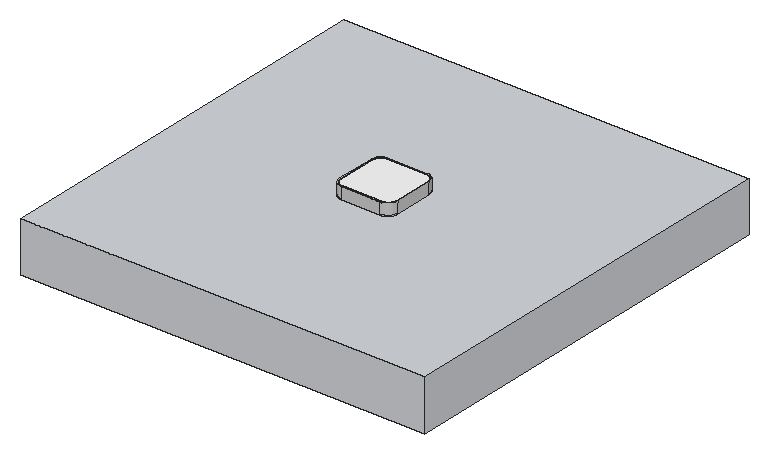
Revit family "en-halla-rundo-square-surfacerfa", category Осветительные приборы, Revit 2017
Family settings
  Основа = Грань
  Размер круглого соединителя = Использовать диаметр
  Тип детали = Нормальный
  Номер OmniClass = 23.80.70.11.11
  Заголовок OmniClass = General Luminaries, Non Directional
  При загрузке вырезать с полостями = Нет
  Источник света = Нет
  Общий = Нет
  Точка расчета площади = Нет
Parameters
  Shape thickness = 7 mm  # constant formula
  Полная установленная мощность = Power input  # 12 VA
  Youtube clip = ""
  Weight Net (Kg) = "0"
  Изготовитель = "HALLA"  # constant formula
  Default Elevation = 2000 mm
  Voltage = "220-240V"
  Uniclass 2.0 Description = "Luminaires And Lamps"
  Uniclass 2.0 Code = "PR-49"
  Uniclass 1.4 Description = "Luminaires and lamps"
  Uniclass 1.4 Code = "JY73"
  URL = "www.halla.cz"
  UNSPSC Code = "3911"
  Technical description = ""
  Switched on [instance] = yes
  Switched off [instance] = not(Switched on)  # no
  Suspension height [instance] = if(With accessories, 30 mm, 0 mm)  # 30 mm
  Source used = ""
  Source type = ""
  Shape of luminaire = "Zaoblené svítidlo"
  Region South America = "All"
  Region Oceania = "All"
  Region North America = "All"
  Region Middle East = "All"
  Region Europe = "All"
  Region Asia = "All"
  Region Antarctica = "All"
  Region Africa = "All"
  QR code = "http://file-system.ru/catalog/zdaniya_i_sooruzheniya/interer/osveshchenie/halla_rundo_square_svetilnik/"
  Accessory [instance] = RUNDO accessory - mounting distance kit for square luminaire, circular 370 mm : 19-0009, S - silver
  Protection class = "I"
  Product group = "Rundo"
  Product family = "Indoor Luminaires"
  Product data url = ""
  Product code = ""
  Product certification = ""
  Product URL = "http://www.halla.cz/prod.php?id=45757"
  Product SKU = "rundo_square"
  Price (EUR) = 0
  Power input = 12 W
  Description = ""
  Radius of corners = 60 mm  # constant formula
  Optics type = ""
  Suspension distance from axis = Lighting length - 160 mm  # 190 mm
  Number of sources = 1
  Nominal width = "0.00"
  Nominal height = "70.00"
  NBS Reference Description = "Luminaires And Lamps"
  NBS Reference Code = "49"
  Material secondary = ""
  Material of luminaire = "Hliník"
  Material main = "Aluminium"
  Manufacturer name = "HALLA"
  Manufacturer country = "Czech Republic"
  Lighting width = 350 mm
  Lighting source distance [instance] = Suspension height + Lighting height  # 100 mm
  Lighting length = 350 mm
  Lighting height = 70 mm
  Lighting dimensions = "350 x 350 x 70"
  LED source = yes
  Installation instructions = ""
  Installation instruction = ""
  Initial intensity = ""
  Initial colour = ""
  IP Code = "IP 40"
  IFC Classification = "Light Fixture"
  Frequency = ""
  Energy class = ""
  Electric potential = 230 V  # constant formula
  Код по классификатору = "D5020200"
  Edition number = "1"
  EAN code = ""
  EAN = "8595034347068"
  With accessories [instance] = yes
  Distribution = ""
  Designer = ""
  Design country = "Czech Republic"
  Depth = "0.00"
  Date of publishing = "2014-12-14"
  Data sheet = "http://www.halla.cz/get-prod-sheet.php?id=45757"
  Control gear option = ""
  Colour of luminaire = Aluminium - silver
  COBIe Type Category = ""
Reference planes
  plane 1 "Střed (vpředu/vzadu)": y = 0
  plane 2: z = 0
  plane 3 "Střed (vlevo/vpravo)": x = 0
  plane 4 "BP_Světlo spodní": z = 30
  plane 5 "BP_Světlo horní": z = 100
  plane 6 "BP_Zdroj světla": z = 65
  plane 7: x = -175
  plane 8: x = 175
  plane 9: y = 175
  plane 10: y = -175
  plane 11: x = -115
  plane 12: x = 115
  plane 13: y = -115
  plane 14: y = 115
Forms (mm)
  Extrusion 1, solid
    sketch origin (0, 0, 0) x (1, 0, 0) y (0, 1, 0)
      loop
        line (-1219.2, 1219.2) -> (-1219.2, -1219.2) -> (1219.2, -1219.2) -> (1219.2, 1219.2) -> (-1219.2, 1219.2)
    from 0 to -304.8
  Extrusion 2, solid, material "Aluminium - silver" <- "Colour of luminaire"
    sketch origin (0, 0, 30) x (-1, 0, 0) y (0, -1, 0)
      loop
        line (175, -115) -> (175, 115)
        arc (175, 115) -> (157.426, 157.426) -> (115, 175) r 60
        line (115, 175) -> (-115, 175)
        arc (-115, 175) -> (-157.426, 157.426) -> (-175, 115) r 60
        line (-175, 115) -> (-175, -115)
        arc (-175, -115) -> (-157.426, -157.426) -> (-115, -175) r 60
        line (-115, -175) -> (115, -175)
        arc (115, -175) -> (157.426, -157.426) -> (175, -115) r 60
    from 0 to 7
  Extrusion 3, solid, material "Aluminium - silver" <- "Colour of luminaire"
    sketch origin (0, 0, 30) x (-1, 0, 0) y (0, -1, 0)
      loop
        arc (115, -175) -> (157.426, -157.426) -> (175, -115) r 60
        line (175, -115) -> (175, 115)
        arc (175, 115) -> (157.426, 157.426) -> (115, 175) r 60
        line (115, 175) -> (-115, 175)
        arc (-115, 175) -> (-157.426, 157.426) -> (-175, 115) r 60
        line (-175, 115) -> (-175, -115)
        arc (-175, -115) -> (-157.426, -157.426) -> (-115, -175) r 60
        line (-115, -175) -> (115, -175)
      loop
        line (168, -115) -> (168, 115)
        arc (168, 115) -> (152.477, 152.477) -> (115, 168) r 53
        line (115, 168) -> (-115, 168)
        arc (-115, 168) -> (-152.477, 152.477) -> (-168, 115) r 53
        line (-168, 115) -> (-168, -115)
        arc (-168, -115) -> (-152.477, -152.477) -> (-115, -168) r 53
        line (-115, -168) -> (115, -168)
        arc (115, -168) -> (152.477, -152.477) -> (168, -115) r 53
    from 7 to 70 <- "Lighting height"
  Extrusion 4, solid, material "Diffuser - light switched on", visible <- "Switched off"
    sketch origin (0, 0, 30) x (-1, 0, 0) y (0, -1, 0)
      loop
        arc (168, 115) -> (152.477, 152.477) -> (115, 168) r 53
        line (115, 168) -> (-115, 168)
        arc (-115, 168) -> (-152.477, 152.477) -> (-168, 115) r 53
        line (-168, 115) -> (-168, -115)
        arc (-168, -115) -> (-152.477, -152.477) -> (-115, -168) r 53
        line (-115, -168) -> (115, -168)
        arc (115, -168) -> (152.477, -152.477) -> (168, -115) r 53
        line (168, -115) -> (168, 115)
    from 66 to 70
  Extrusion 5, solid, material "Diffuser - light switched off", visible <- "Switched on"
    sketch origin (0, 0, 30) x (-1, 0, 0) y (0, -1, 0)
      loop
        arc (168, 115) -> (152.477, 152.477) -> (115, 168) r 53
        line (115, 168) -> (-115, 168)
        arc (-115, 168) -> (-152.477, 152.477) -> (-168, 115) r 53
        line (-168, 115) -> (-168, -115)
        arc (-168, -115) -> (-152.477, -152.477) -> (-115, -168) r 53
        line (-115, -168) -> (115, -168)
        arc (115, -168) -> (152.477, -152.477) -> (168, -115) r 53
        line (168, -115) -> (168, 115)
    from 66 to 70
Cuts and joins
  joined: Extrusion 2, Extrusion 3
Dimensions and locks
  equal spacing: plane 5 "BP_Světlo horní", plane 6 "BP_Zdroj světla", plane 4 "BP_Světlo spodní"
  "Suspension height": plane 4 "BP_Světlo spodní" to Extrusion 1
  "Lighting height": plane 5 "BP_Světlo horní" to plane 4 "BP_Světlo spodní"
  "Lighting width": plane 9 to plane 10
  "Lighting length": plane 7 to plane 8
  "Radius of corners": plane 9 to plane 14
  "Radius of corners": plane 13 to plane 10
  "Radius of corners": plane 12 to plane 8
  "Radius of corners": plane 7 to plane 11
  equal spacing: plane 7, plane 3 "Střed (vlevo/vpravo)", plane 8
  equal spacing: plane 9, plane 1 "Střed (vpředu/vzadu)", plane 10
  aligned and locked: plane 2 to Extrusion 1
  aligned and locked: level to Extrusion 1
Automatic sketch dimensions
  Extrusion 1 sketch curve to Extrusion 1 sketch curve = 2438.4 mm  (x2)
  Extrusion 2 sketch curve to plane 8 = 0 mm
  Extrusion 2 sketch curve to plane 9 = 0 mm
  Extrusion 2 sketch curve to plane 12 = 0 mm  (x2)
  Extrusion 2 sketch curve to plane 10 = 0 mm
  Extrusion 2 sketch curve to plane 11 = 0 mm  (x2)
  Extrusion 2 sketch curve to plane 7 = 0 mm
  Extrusion 3 sketch curve to Extrusion 3 sketch curve = 0 mm  (x8)
  Extrusion 3 sketch curve to plane 8 = 0 mm
  Extrusion 3 sketch curve to plane 14 = 0 mm
  Extrusion 3 sketch curve to plane 13 = 0 mm  (x2)
  Extrusion 3 sketch curve to plane 12 = 0 mm  (x2)
  Extrusion 3 sketch curve to plane 11 = 0 mm  (x2)
  Extrusion 3 sketch curve to plane 8 = 7 mm
  Extrusion 4 sketch curve to plane 14 = 0 mm  (x2)
  Extrusion 4 sketch curve to plane 13 = 0 mm  (x2)
  plane 7 to Extrusion 4 sketch curve = 7 mm
  Extrusion 4 sketch curve to plane 12 = 0 mm  (x2)
  Extrusion 4 sketch curve to plane 11 = 0 mm
  Extrusion 5 sketch curve to plane 14 = 0 mm  (x2)
  Extrusion 5 sketch curve to plane 13 = 0 mm
  Extrusion 5 sketch curve to plane 12 = 0 mm  (x2)
  Extrusion 5 sketch curve to plane 11 = 0 mm  (x2)
  Extrusion 5 sketch curve to plane 8 = 7 mm
Nested families
  nested 1: "RUNDO ČTVEREC - source" at (0, 0, 100), built-in parameter 1001364 <- "Lighting source distance", type "RUNDO - source"
  nested 2: "RUNDO accessory - mounting distance kit for square luminaire, circular 370 mm" at (0, 0, 30), type <- "Accessory", visible <- "With accessories", Odsazení zavěšení od osy Y <- "Suspension distance from axis", Odsazení zavěšení od osy X <- "Suspension distance from axis", type "19-0009, S - silver", detail levels fine
    with Odsazení zavěšení od osy Y 190 mm, Odsazení zavěšení od osy X 190 mm
Connectors
  electrical at (0, 0, 0), driven by "Electric potential", driven by "Полная установленная мощность", driven by "Полная установленная мощность"
    settings: on Extrusion 1, index 1, voltage 230 V, apparent load 12 VA, apparent load phase1 12 VA, apparent load phase2 0 VA, apparent load phase3 0 VA, power factor 1, load classification "Osvětlení", number of poles 1, system type 30, power factor state 0, is connector primary yes, connector utility no, sub classification motor no, connector description ""
Definition of nested family "RUNDO accessory - mounting distance kit for square luminaire, circular 370 mm"
  Parameters
    Manufacturer = "HALLA"  # constant formula
    Default Elevation = 0 mm
    URL = "http.//www.halla.cz"
    Description = ""
    Odsazení zavěšení od osy Y [instance] = 600 mm
    Odsazení zavěšení od osy X [instance] = 600 mm
    Model = ""
    Assembly Code = "D5020200"
    Keynote = ""
    Barva svítidla = none
  Reference planes
    plane 1 "Střed (vpředu/vzadu)": y = 0
    plane 2: z = 0
    plane 3 "Střed (vlevo/vpravo)": x = 0
    plane 4: x = -300
    plane 5: x = 300
    plane 6: y = 300
    plane 7: y = -300
  Forms (mm)
    Extrusion 1, solid, material <- "Barva svítidla"
      sketch origin (0, 0, 0) x (1, 0, 0) y (0, 1, 0)
        loop
          line (-300, 300) -> (-300, 270) -> (-270, 270) -> (-270, 300) -> (-300, 300)
        loop
          line (-297, 273) -> (-273, 273) -> (-273, 297) -> (-297, 297) -> (-297, 273)
        loop
          line (-300, -270) -> (-300, -300) -> (-270, -300) -> (-270, -270) -> (-300, -270)
        loop
          line (-297, -297) -> (-273, -297) -> (-273, -273) -> (-297, -273) -> (-297, -297)
        loop
          line (300, 300) -> (270, 300) -> (270, 270) -> (300, 270) -> (300, 300)
        loop
          line (297, 273) -> (297, 297) -> (273, 297) -> (273, 273) -> (297, 273)
        loop
          line (300, -270) -> (270, -270) -> (270, -300) -> (300, -300) -> (300, -270)
        loop
          line (297, -297) -> (297, -273) -> (273, -273) -> (273, -297) -> (297, -297)
      from -30 to 0
  Dimensions and locks
    equal spacing: plane 4, plane 3 "Střed (vlevo/vpravo)", plane 5
    "Odsazení zavěšení od osy Y": plane 4 to plane 5
    equal spacing: plane 6, plane 1 "Střed (vpředu/vzadu)", plane 7
    "Odsazení zavěšení od osy X": plane 6 to plane 7
    aligned and locked: level to plane 2
  Automatic sketch dimensions
    Extrusion 1 sketch curve to plane 4 = 0 mm  (x2)
    Extrusion 1 sketch curve to plane 7 = 0 mm  (x2)
    Extrusion 1 sketch curve to plane 6 = 0 mm  (x2)
    Extrusion 1 sketch curve to plane 5 = 0 mm  (x2)
    plane 4 to Extrusion 1 sketch curve = 3 mm  (x2)
    Extrusion 1 sketch curve to Extrusion 1 sketch curve = 24 mm  (x4)
    Extrusion 1 sketch curve to Extrusion 1 sketch curve = 3 mm  (x8)
    Extrusion 1 sketch curve to Extrusion 1 sketch curve = 30 mm  (x3)
    Extrusion 1 sketch curve to plane 5 = 3 mm  (x2)
    plane 7 to Extrusion 1 sketch curve = 3 mm  (x2)
    Extrusion 1 sketch curve to plane 6 = 30 mm
    Extrusion 1 sketch curve to plane 6 = 3 mm  (x2)
Definition of nested family "RUNDO ČTVEREC - source"
  Parameters
    Tilt Angle = -90.00°
    Default Elevation = 0 mm
    Photometric Web File = "RUNDO hranaté - 19-200K-1040E.ies"
    Wattage = 8.07853 W
    built-in parameter 1150110 = 1 (stored number, unit not read)
    Emit from Rectangle Width = 350 mm
    Emit from Rectangle Length = 350 mm
    Emit Shape Visible in Rendering = no
    built-in parameter 1114217 = 1 (stored number, unit not read)
    built-in parameter 1150109 = 1 (stored number, unit not read)
    built-in parameter 1150134 = 12
    built-in parameter 1150113 = 1 (stored number, unit not read)
    Lumens = 1200 lm
    built-in parameter 1150115 = 1 (stored number, unit not read)
    built-in parameter 1150105 = 95.493 (stored number, unit not read)
    built-in parameter 1150137 = (empty or 0)
    built-in parameter 1150139 = (empty or 0)
    built-in parameter 1150112 = 1 (stored number, unit not read)
    built-in parameter 1150114 = 1 (stored number, unit not read)
    built-in parameter 1150132 = 2
    built-in parameter 1150102 = (empty or 0)
    built-in parameter 1150138 = (empty or 0)
    built-in parameter 1150107 = 4000 (stored number, unit not read)
    built-in parameter 1150106 = 0.95493 (stored number, unit not read)
    built-in parameter 1150104 = 13.8 (stored number, unit not read)
    Dimming Lamp Color Temperature Shift = (empty or 0)
    Color Filter = 16777215
    built-in parameter 1114218 = 1 (stored number, unit not read)
    built-in parameter 1150133 = 10 (stored number, unit not read)
  Reference planes
    plane 1 "Osa světelného zdroje (přední/zadní)": y = 0
    plane 2: z = 0
    plane 3 "Osa světelného zdroje (levá/pravá)": x = 0
    plane 4 "Výška světelného zdroje": z = 0
  Dimensions and locks
    aligned and locked: plane 3 "Osa světelného zdroje (levá/pravá)" to imposter light
    aligned and locked: plane 1 "Osa světelného zdroje (přední/zadní)" to imposter light
    aligned and locked: plane 4 "Výška světelného zdroje" to imposter light
    aligned and locked: level to plane 2
    aligned and locked: plane 4 "Výška světelného zdroje" to level
